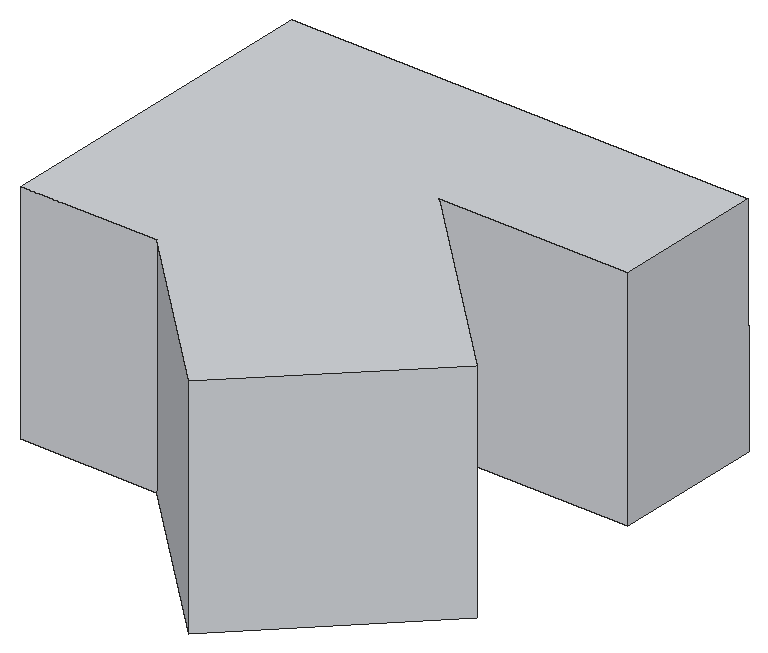
Revit family "M_Rectangular Wye - Lateral - Transition", category Duct Fittings, Revit 2014
Parameters (values of type "Standard")
  l8 [instance] = 0.794 mm  # constant formula
  l7 [instance] = if(or(Angle < 90.00°, Duct Width 1 > Duct Width 2), abs(l4 * cos(Angle)), (Duct Width 3) * sin(Angle) / 4)  # 287.5 mm
  l6 [instance] = if(Angle = 90.00°, (Duct Width 3) / (2 * sin(Angle)) + 25 mm, if(or(Angle < 90.00°, Duct Width 1 > Duct Width 2), (Duct Width 3) / (2 * sin(Angle)), (Duct Width 3) * sin(Angle) / 4))  # 212.132 mm
  l5 [instance] = abs((Duct Width 3) * cos(Angle) / (2 * sin(Angle)))  # 150 mm
  l4 [instance] = l1 / sin(Angle)  # 406.586 mm
  l3 [instance] = abs(if(Angle = 90.00°, l0, if(and(Angle > 90.00°, Duct Width 1 < Duct Width 2), L1 - abs(l2 * cos(Angle) / sin(Angle)), l2 * cos(Angle) / sin(Angle))))  # 181.434 mm
  Duct Width 2 [instance] = 200 mm
  l2 [instance] = l1 - h0  # 181.434 mm
  l1 [instance] = if(Duct Width 1 > Duct Width 2, Duct Width 1 / 2 + CL_Offset, Duct Width 2 / 2 + CL_Offset)  # 287.5 mm
  l0 [instance] = if(Angle = 90.00°, (Duct Width 3) * sin(Angle) / 2 + 25 mm, if(or(Angle < 90.00°, Duct Width 1 > Duct Width 2), (Duct Width 3) * sin(Angle) / 2, (Duct Width 3) / (2 * sin(Angle)) + abs(l4 * cos(Angle))))  # 106.066 mm
  h0 [instance] = abs(Duct Width 3 * cos(Angle) / 2)  # 106.066 mm
  Duct Width 3 [instance] = 300 mm
  Duct Width 1 [instance] = 450 mm
  L3 [instance] = if(Angle = 90.00°, l1 + 25 mm, l4 + l5)  # 556.586 mm
  L1 [instance] = if(or(Angle < 90.00°, Duct Width 1 > Duct Width 2), (Duct Width 3) / (2 * sin(Angle)) + abs(l4 * cos(Angle)) + (Duct Width 3) * sin(Angle) / 2, (Duct Width 3) * sin(Angle) / 4 + (Duct Width 3) * sin(Angle) / 4 + (Duct Width 3) / (2 * sin(Angle)) + abs(l4 * cos(Angle)))  # 605.698 mm
  Duct Height [instance] = 300 mm
  CL_Offset 3 [instance] = if(Angle > 90.00°, Duct Width 1 + 2 * CL_Offset, Duct Width 1)  # 450 mm
  CL_Offset 2 [instance] = Duct Width 1 + CL_Offset  # 512.5 mm
  CL_Offset 1 [instance] = if(Angle > 90.00°, Duct Width 1 + 3 * CL_Offset, Duct Width 1 - CL_Offset)  # 387.5 mm
  CL_Offset [instance] = abs((Duct Width 1 - Duct Width 2) / 4)  # 62.5 mm
  Assembly Code = ""
  Angle [instance] = 45.00°
  12 [instance] = abs(l2 * cos(Angle) / sin(Angle))  # 181.434 mm
  11 [instance] = L1 - abs(l2 * cos(Angle) / sin(Angle))  # 424.264 mm
Reference planes
  plane 1 "Centre (Front/Back)": y = 0
  plane 2: z = 0
  plane 3 "Centre (Left/Right)": x = 0
  plane 4: x = -106.066
  plane 5: x = 287.5
  plane 6: x = 499.632
  plane 7: y = 62.5
  plane 8: y = -62.5
  plane 9: x = 75.368
  plane 10: x = 318.198
  plane 11: y = -450
  plane 12: x = -106.86
  plane 13: x = 500.426
Forms (mm)
  Sweep 1, solid, detail levels medium+fine
    path in 3D
      loop
        line (75.368, -62.5, 0) -> (-106.066, -62.5, 0)
    profile "M_Duct - Rectangular : Duct - Rectangular 1" origin (-15.349, -62.5, 0) x (0, -1, 0) y (0, 0, 1)
      loop
        line (-225, 150) -> (-225, -150) -> (225, -150) -> (225, 150) -> (-225, 150)
  Sweep 2, solid, detail levels medium+fine
    path in 3D
      loop
        line (0, 0, 0) -> (393.566, -393.566, 0)
    profile "M_Duct - Rectangular : Duct - Rectangular 3" origin (196.783, -196.783, 0) x (0.707107, 0.707107, 0) y (0, 0, 1)
      loop
        line (-150, 150) -> (-150, -150) -> (150, -150) -> (150, 150) -> (-150, 150)
  Sweep 3, solid, detail levels medium+fine
    path in 3D
      loop
        line (75.368, 62.5, 0) -> (499.632, 62.5, 0)
    profile "M_Duct - Rectangular : Duct - Rectangular 2" origin (287.5, 62.5, 0) x (0, 1, 0) y (0, 0, 1)
      loop
        line (-100, 150) -> (-100, -150) -> (100, -150) -> (100, 150) -> (-100, 150)
  Sweep 4, void, detail levels medium+fine
    path in 3D
      loop
        line (-106.066, -62.5, 0) -> (-106.86, -62.5, 0)
    profile "M_Duct - Rectangular : Duct - Rectangular 1" origin (-106.463, -62.5, 0) x (0, -1, 0) y (0, 0, 1)
      loop
        line (-225, 150) -> (-225, -150) -> (225, -150) -> (225, 150) -> (-225, 150)
  Sweep 5, void, detail levels medium+fine
    path in 3D
      loop
        line (500.426, 62.5, 0) -> (499.632, 62.5, 0)
    profile "M_Duct - Rectangular : Duct - Rectangular 2" origin (500.029, 62.5, 0) x (0, -1, 0) y (0, 0, 1)
      loop
        line (-100, 150) -> (-100, -150) -> (100, -150) -> (100, 150) -> (-100, 150)
Cuts and joins
  Sweep 4, Sweep 5 cuts Sweep 2
  joined: Sweep 1, Sweep 2, Sweep 3
Lines and regions (mm)
  reference lines
    curve 1: line (75.368, -62.5, 0) -> (-106.066, -62.5, 0)
    curve 2: line (0, 0, 0) -> (393.566, -393.566, 0)
    curve 5: line (75.368, 62.5, 0) -> (499.632, 62.5, 0)
    curve 9: line (-106.066, -62.5, 0) -> (-106.86, -62.5, 0)
    curve 10: line (500.426, 62.5, 0) -> (499.632, 62.5, 0)
  sketch lines
    curve 3: line (75.368, -62.5, 0) -> (-106.066, -62.5, 0)
    curve 4: line (0, 0, 0) -> (393.566, -393.566, 0)
    curve 6: line (75.368, 62.5, 0) -> (499.632, 62.5, 0)
    curve 11: line (-106.066, -62.5, 0) -> (-106.86, -62.5, 0)
    curve 12: line (500.426, 62.5, 0) -> (499.632, 62.5, 0)
  model lines, detail levels coarse
    curve 7: line (499.632, 62.5, 0) -> (-106.066, -62.5, 0)
    curve 8: line (33.664, -33.664, 0) -> (393.566, -393.566, 0)
Dimensions and locks
  "l0": plane 4 to plane 3 "Centre (Left/Right)"
  "l7": plane 3 "Centre (Left/Right)" to plane 5
  "l6": plane 5 to plane 6
  "l3": plane 4 to plane 9
  "L3": curve 2 to curve 2
  "l3": plane 10 to plane 6
  "CL_Offset 3": plane 1 "Centre (Front/Back)" to plane 11
  "CL_Offset 1": plane 8 to plane 11
  "CL_Offset 2": plane 11 to plane 7
  "l8": plane 12 to plane 4
  "l8": plane 6 to plane 13
  "L3": curve 2 to curve 8
  "Angle": angle curve 2 to plane 1 "Centre (Front/Back)"
  aligned and locked: curve 1 to plane 8
  aligned and locked: plane 9 to curve 1
  aligned and locked: plane 9 to curve 5
  aligned and locked: plane 6 to curve 5
  aligned and locked: plane 7 to curve 5
  aligned and locked: plane 6 to curve 7
  aligned and locked: plane 7 to curve 7
  aligned and locked: plane 4 to curve 7
  aligned and locked: plane 8 to curve 7
  aligned and locked: curve 2 to curve 8
  aligned and locked: curve 9 to plane 8
  aligned and locked: plane 4 to curve 9
  aligned and locked: plane 12 to curve 9
  aligned and locked: curve 10 to plane 7
  aligned and locked: plane 13 to curve 10
Automatic sketch dimensions
  curve 2 to plane 1 "Centre (Front/Back)" = 0 mm
  curve 2 to plane 3 "Centre (Left/Right)" = 0 mm
Connectors
  hvac at (-106.066, -62.5, 0), driven by "Duct Height", driven by "Duct Width 1"
    settings: on cut or joined group of Sweep 1, Sweep 2, Sweep 3, Sweep 4, Sweep 5, index 1, duct flow 0.0 L/s, flow factor 0, pres drop 0.0 Pa, loss coef 0, conn angle 0.00°, conn width 450 mm, conn height 300 mm, conn diameter 609.6 mm, duct sys type 28, conn prof type 1, flow config 0, flow direction 0, loss method 0, conn ref index -1, conn util no, is conn primary yes, conn desc ""
  hvac at (499.632, 62.5, 0), driven by "Duct Height", driven by "Duct Width 2"
    settings: on Sweep 3, index 2, duct flow 0.0 L/s, flow factor 0, pres drop 0.0 Pa, loss coef 0, conn angle 0.00°, conn width 200 mm, conn height 300 mm, conn diameter 609.6 mm, duct sys type 28, conn prof type 1, flow config 0, flow direction 0, loss method 0, conn ref index -1, conn util no, is conn primary no, conn desc ""
  hvac at (393.566, -393.566, 0), driven by "Duct Height", driven by "Duct Width 3", driven by "Angle"
    settings: on cut or joined group of Sweep 1, Sweep 2, Sweep 3, Sweep 4, Sweep 5, index 3, duct flow 0.0 L/s, flow factor 0, pres drop 0.0 Pa, loss coef 0, conn angle 45.00°, conn width 300 mm, conn height 300 mm, conn diameter 609.6 mm, duct sys type 28, conn prof type 1, flow config 0, flow direction 0, loss method 0, conn ref index -1, conn util no, is conn primary no, conn desc ""
